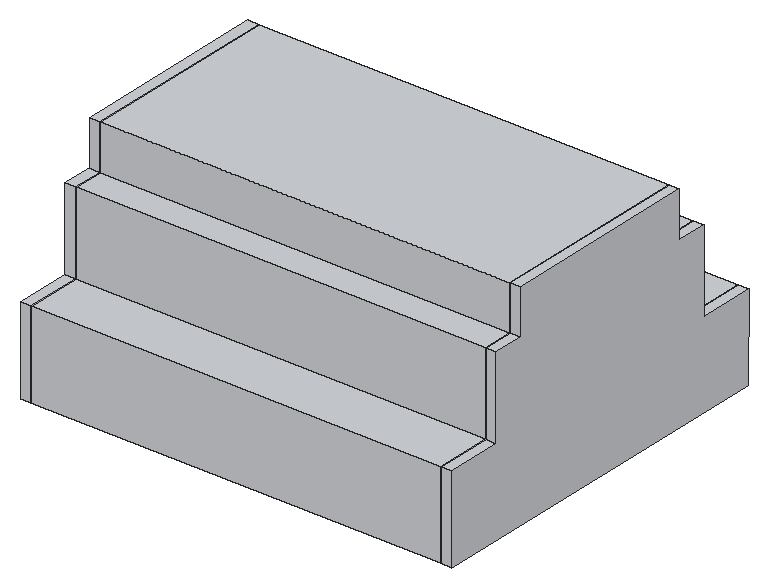
Revit family "Gira_129600", category Electrical Fixtures, host Face, Revit 2017
Family settings
  Host = Face
  Maintain Annotation Orientation = No
  Round Connector Dimension = Use Diameter
  Part Type = Normal
  Cut with Voids When Loaded = No
  Shared = No
  Room Calculation Point = No
Parameters (values of type "Pow.supply DC 24 V 300 mA DRA Door communication")
  URL = "https://www.gira.de/"
  Type Comments = ""
  Output voltage [Volt] Number = 24
  Model = ""
  Manufacturer = "Gira"
  Keynote = ""
  HeinzeBIM = "https://www.heinze.de/bim/pow-supply-dc-24-v-300-ma-dra-door-communication/21df1e56c7accd880677f37bc9f96e8d9aef7743"
  HAN = "129600"
  GTIN = "4010337296003"
  Description = "PS DC 24V 300mA DRA Door Power supply for door communication DC 24 V 300 mA,DRA Features: - Power supply DC 24 V to supply power to the door communication components. - Power supply to the colour camera in large properties. - Power supply to the call-button illumination in large properties. - Power supply to the DCS-TC gateway when the video control device is used. - Supply of Keyless In keypad."
  Default Elevation = 1219.2 mm
  Cost = 0
  BIMSITE_PRODUCT_ID = "21df1e56c7accd880677f37bc9f96e8d9aef7743"
  BIM = "https://media.live.bim.site/t/eyJhbGciOiJIUzI1NiIsInR5cCI6IkpXVCJ9.eyJjdCI6MSwidGYiOiJwdWJsaWMvZ2lyYS8wOWY1ZGI1LzEyOTYgMDBfUkVHIDYucmZhIiwiY2lkIjoiZmVkOThlOWEtMWJkOC00YzY4LWE3M2ItNzRhOTRlMzE1ODIzIiwicmlkIjoiNmZkZWU3MmI5NWYzZjBkZTEwYjU4ODI3NjdiZjcxOWIiLCJwaWQiOiIyMWRmMWU1NmM3YWNjZDg4MDY3N2YzN2JjOWY5NmU4ZDlhZWY3NzQzIiwic2lkIjoiNjM0NzAiLCJ1dCI6NSwibGMiOiJlbiIsImlhdCI6MTYwNzQzMTY5OCwiaXNzIjoiaHR0cHM6Ly9hcGkubGl2ZS5iaW0uc2l0ZSIsInN1YiI6IjhkM2FhNWNiLWUwNjYtNDU5OC1iZTE2LTZlMTZlZTc0OTU2YSJ9.SYWeiwMccKtuotAvnnJ3ReqZgIzeGpGwjKUIVhV8Imc/1296 00_REG 6.rfa"
  Assembly Code = ""
Reference planes
  plane 1 "Center (Front/Back)": y = 0
  plane 2: z = 0
  plane 3 "Center (Left/Right)": x = 0
Forms (mm)
  Extrusion 1, solid, detail levels fine
    sketch origin (0, 0, 0) x (0, 1, 0) y (0, 0, 1)
      loop
        line (23, 49.5) -> (-23, 49.5) -> (-23, 39) -> (-30, 39) -> (-30, 20) -> (-43, 20) -> (-43, 0) -> (-41, 0) -> (-41, 18.5) -> (-28.5, 18.5) -> (-28.5, 37.5) -> (-21.5, 37.5) -> (-21.5, 45.5) -> (21.5, 45.5) -> (21.5, 37.5) -> (28.5, 37.5) -> (28.5, 18.5) -> (41, 18.5) -> (41, 0) -> (43, 0) -> (43, 20) -> (30, 20) -> (30, 39) -> (23, 39) -> (23, 49.5)
    from -47.45 to 47.45
  Extrusion 2, solid, detail levels medium
    sketch origin (0, 0, 0) x (0, 1, 0) y (0, 0, 1)
      loop
        line (23, 49.5) -> (-23, 49.5) -> (-23, 39) -> (-30, 39) -> (-30, 20) -> (-43, 20) -> (-43, 0) -> (43, 0) -> (43, 20) -> (30, 20) -> (30, 39) -> (23, 39) -> (23, 49.5)
    from -49.95 to 49.95
  Extrusion 3, solid, detail levels coarse
    sketch origin (0, 0, 0) x (1, 0, 0) y (0, 1, 0)
      loop
        line (-49.95, -43) -> (49.95, -43) -> (49.95, 43) -> (-49.95, 43) -> (-49.95, -43)
    from 0 to 49.5
  Extrusion 4, solid, detail levels fine
    sketch origin (-28.55, 0, 0) x (0, 1, 0) y (0, 0, 1)
      loop
        line (23, 49.5) -> (-23, 49.5) -> (-23, 39) -> (-30, 39) -> (-30, 20) -> (-43, 20) -> (-43, 0) -> (43, 0) -> (43, 20) -> (30, 20) -> (30, 39) -> (23, 39) -> (23, 49.5)
    from 76 to 78.5
  Extrusion 5, solid, detail levels fine
    sketch origin (28.55, 0, 0) x (0, 1, 0) y (0, 0, -1)
      loop
        line (23, -49.5) -> (23, -39) -> (30, -39) -> (30, -20) -> (43, -20) -> (43, 0) -> (-43, 0) -> (-43, -20) -> (-30, -20) -> (-30, -39) -> (-23, -39) -> (-23, -49.5) -> (23, -49.5)
    from 76 to 78.5
Dimensions and locks
  aligned and locked: plane 2 to host face
  aligned and locked: level to host face
